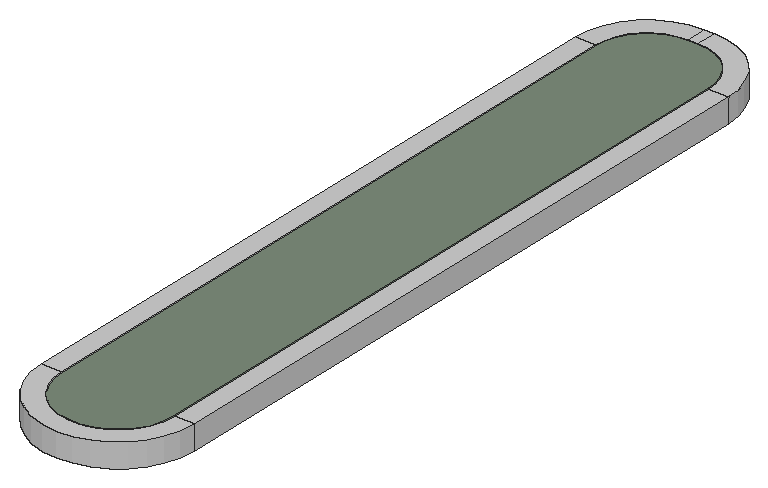
Revit family "9a5f0957ce93451b8c19c70eda59b341", category Site, Revit 2021
Family settings
  Round Connector Dimension = Use Diameter
  Part Type = Normal
  Seek Item ID = Parking Island 2-0000-USA-ENU
  Work Plane-Based = No
  Always vertical = No
  Cut with Voids When Loaded = No
  Shared = No
Parameters (values of type "9' x 18' - 90 deg.")
  Angle = 90.00°
  Length = 20' - 0"
Types (5): name | Angle
  (no name) | 90.00°
  9' x 18' - 60 deg. | 60.00°
  9' x 18' - 70 deg. | 70.00°
  9' x 18' - 80 deg. | 80.00°
  9' x 18' - 90 deg. | 90.00°
Reference planes (in)
  plane 1: z = 0
  plane 2 "Center (Left/Right)": x = 49.80166
  plane 3 "Center (Front/Back)": y = 33.82777
  plane 4: y = -162.67223
  plane 5: x = 73.80166
  plane 6: y = 54.82777
  plane 7: y = -185.17223
Forms (in)
  Sweep 1, solid, material "Concrete- Cast-In-Place Concrete"
    path origin (0, 0, 0) x (1, 0, 0) y (0, 1, 0)
      loop
        line (28.80166, 33.82777) -> (28.80166, -162.67223)
        arc (28.80166, -162.67223) -> (51.30166, -185.17223) -> (73.80166, -162.67223) r 22.5
        line (73.80166, -162.67223) -> (73.80166, 33.82777)
        arc (73.80166, 33.82777) -> (67.6509, 48.67701) -> (52.80166, 54.82777) r 21
        line (52.80166, 54.82777) -> (49.80166, 54.82777)
        arc (49.80166, 54.82777) -> (34.95241, 48.67701) -> (28.80166, 33.82777) r 21
    profile origin (0, -64.42223, 0) x (1, 0, 0) y (0, 0, 1)
      loop
        line (28.80166, 0) -> (34.80166, 0) -> (34.80166, 7) -> (28.80166, 7) -> (28.80166, 0)
  Extrusion 2, solid, material "Grass"
    sketch origin (0, 0, 0) x (1, 0, 0) y (0, 1, 0)
      loop
        arc (49.80166, 48.82777) -> (39.19505, 44.43437) -> (34.80166, 33.82777) r 15
        line (34.80166, 33.82777) -> (34.80166, -162.67223)
        arc (34.80166, -162.67223) -> (51.30166, -179.17223) -> (67.80166, -162.67223) r 16.5
        line (67.80166, -162.67223) -> (67.80166, 33.82777)
        arc (67.80166, 33.82777) -> (63.40826, 44.43437) -> (52.80166, 48.82777) r 15
        line (52.80166, 48.82777) -> (49.80166, 48.82777)
    from 0 to 7
Dimensions and locks (in)
  "Length": plane 7 to plane 6
  locked: plane 7 to plane 4 at 22.5
  locked: plane 3 "Center (Front/Back)" to plane 6 at 21
  locked: plane 3 "Center (Front/Back)" to Sweep 1 sketch curve at 21
  locked: Sweep 1 sketch curve to Sweep 1 sketch curve at 45
  locked: plane 3 "Center (Front/Back)" to Extrusion 2 sketch curve at 15
  locked: Extrusion 2 sketch curve to Extrusion 2 sketch curve at 33
  "Angle": angle plane 4 to Sweep 1 sketch curve
  "Angle": angle plane 4 to Extrusion 2 sketch curve
Automatic sketch dimensions
  Sweep 1 sketch curve to plane 4 = 0' - 0"
  Sweep 1 sketch curve to plane 3 "Center (Front/Back)" = 0' - 0"  (x2)
  Sweep 1 sketch curve to plane 2 "Center (Left/Right)" = 0' - 0"
  Sweep 1 sketch curve to profile plane = 0' - 0"
  Sweep 1 sketch curve to level = 0' - 0"
  Sweep 1 sketch curve to profile plane = 0' - 6"
  level to Sweep 1 sketch curve = 0' - 7"
  Extrusion 2 sketch curve to plane 3 "Center (Front/Back)" = 0' - 0"  (x2)
  Extrusion 2 sketch curve to plane 4 = 0' - 0"
  Extrusion 2 sketch curve to plane 2 "Center (Left/Right)" = 0' - 0"
